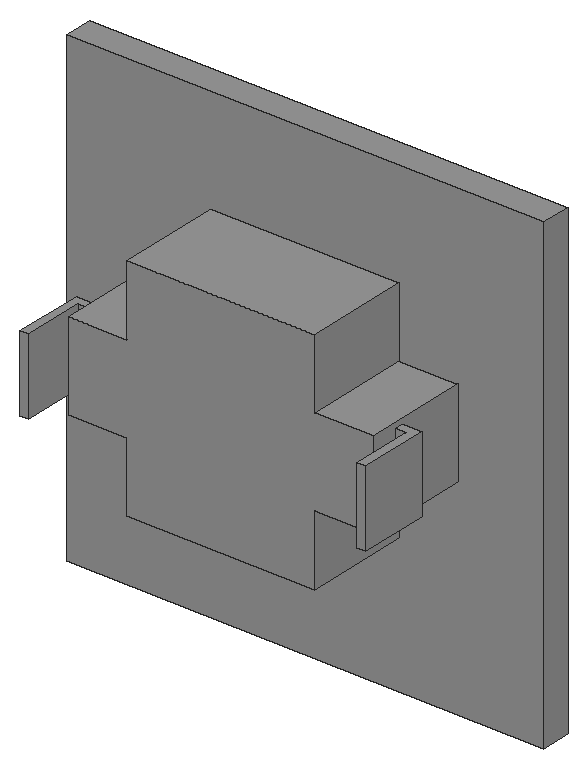
Revit family "IEK_Выключатель_Встраиваемый_10А трехклавишный IP20_КВАРТА", category Выключатели, Revit 2019
Family settings
  Сохранять ориентацию аннотаций = Да
  Размер круглого соединителя = Использовать диаметр
  Тип детали = Переключатель
  На основе рабочей плоскости = Нет
  Всегда вертикально = Да
  При загрузке вырезать с полостями = Нет
  Общий = Нет
  Точка расчета площади = Нет
Parameters (values of type "ВС10-3-0-КБ")
  Ширина = 81.5 mm  # constant formula
  Тип монтажа = "Скрытый монтаж (в штукатурку)"  # constant formula
  Степень защиты = "IP20"  # constant formula
  Изготовитель = "IEK"  # constant formula
  Дата изменения = ""
  Глубина = 46 mm  # constant formula
  Высота = 80.5 mm  # constant formula
  ΔХ [instance] = 2000 mm
  ΔY [instance] = 2000 mm
  KSI_CPr_Строительные изделия = "20.4.01"  # constant formula
  KSI_CMa_Строительные материалы = "01.7.14.03"  # constant formula
  IEK_Цена за единицу = 226.48  # constant formula
  IEK_Поиск в таблице имен = ""
  IEK_Описание = "Классический дизайн, проверенный временем и востребованный различными категориями потребителей, позволяет устанавливать изделия серии \"КВАРТА\" в квартирах, загородных домах, офисных и производственных помещениях."
  IEK_URL = "https://www.iek.ru/products/catalog/izdeliya_elektroustanovochnye_udliniteli_i_silovye_razemy/elektroustanovochnye_izdeliya/elektroustanovochnye_izdeliya_skrytogo_montazha/elektroustanovochnye_izdeliya_kvarta/elektroustanovochnye_izdeliya_kvarta_tsvet_belyy/vyklyuchatel_3_klavishnyy_vs10_3_0_kb_10a_kvarta_belyy_iek"
  ADSK_Ток [instance] = 10 A  # constant formula
  ADSK_Примечание = ""
  ADSK_Полная мощность [instance] = ADSK_Номинальная мощность / ADSK_Коэффициент мощности  # 2200 VA
  ADSK_Позиция [instance] = ""
  ADSK_Номинальная мощность [instance] = ADSK_Ток * ADSK_Напряжение * sqrt(ADSK_Количество фаз числовое) * ADSK_Коэффициент мощности  # 2200 W
  ADSK_Напряжение = 220 V
  ADSK_Наименование = "Выключатель 3-клавишный ВС10-3-0-КБ 10А КВАРТА белый IEK"
  ADSK_Материал обозначение = ""
  ADSK_Материал наименование = "Пластик"  # constant formula
  ADSK_Материал = Цвет белый
  ADSK_Масса = 0.087  # constant formula
  ADSK_Марка = "КВАРТА"  # constant formula
  ADSK_Коэффициент мощности [instance] = 1  # constant formula
  ADSK_Количество фаз числовое = 1
  ADSK_Количество фаз = 1
  ADSK_Код изделия = "EVK30-K01-10-DM"
  ADSK_Классификация нагрузок [instance] = Прочее
  ADSK_Завод-изготовитель = "IEK"  # constant formula
  ADSK_Единица измерения = "шт"  # constant formula
  ADSK_Группирование = "III ЭЛЕКТРОУСТАНОВОЧНЫЕ И ЭЛЕКТРОМОНТАЖНЫЕ ИЗДЕЛИЯ"  # constant formula
  ADSK_Версия семейства = "1.0"  # constant formula
  ADSK_Версия Revit = "2019"  # constant formula
  ADSK_URL страницы изделия = "https://www.iek.ru/products/catalog/izdeliya_elektroustanovochnye_udliniteli_i_silovye_razemy/elektroustanovochnye_izdeliya/elektroustanovochnye_izdeliya_skrytogo_montazha/elektroustanovochnye_izdeliya_kvarta/?pagec=100"
Types (3, lengths in mm): name | IEK_URL | ADSK_Наименование | ADSK_Материал | ADSK_Код изделия
  (no name) | "https://www.iek.ru/products/catalog/izdeliya_elektroustanovochnye_udliniteli_i_silovye_razemy/elektroustanovochnye_izdeliya/elektroustanovochnye_izdeliya_skrytogo_montazha/elektroustanovochnye_izdeliya_kvarta/elektroustanovochnye_izdeliya_kvarta_tsvet_belyy/vyklyuchatel_3_klavishnyy_vs10_3_0_kb_10a_kvarta_belyy_iek" | "Выключатель 3-клавишный ВС10-3-0-КБ 10А КВАРТА белый IEK" | Цвет белый | "EVK30-K01-10-DM"
  ВС10-3-0-КБ | "https://www.iek.ru/products/catalog/izdeliya_elektroustanovochnye_udliniteli_i_silovye_razemy/elektroustanovochnye_izdeliya/elektroustanovochnye_izdeliya_skrytogo_montazha/elektroustanovochnye_izdeliya_kvarta/elektroustanovochnye_izdeliya_kvarta_tsvet_belyy/vyklyuchatel_3_klavishnyy_vs10_3_0_kb_10a_kvarta_belyy_iek" | "Выключатель 3-клавишный ВС10-3-0-КБ 10А КВАРТА белый IEK" | Цвет белый | "EVK30-K01-10-DM"
  ВС10-3-0-ККм | "https://www.iek.ru/products/catalog/izdeliya_elektroustanovochnye_udliniteli_i_silovye_razemy/elektroustanovochnye_izdeliya/elektroustanovochnye_izdeliya_skrytogo_montazha/elektroustanovochnye_izdeliya_kvarta/elektroustanovochnye_izdeliya_kvarta_tsvet_kremovyy/vyklyuchatel_3_klavishnyy_vs10_3_0_kkm_10a_kvarta_kremovyy_iek" | "Выключатель 3-клавишный ВС10-3-0-ККм 10А КВАРТА кремовый IEK" | Цвет кремовый | "EVK30-K33-10-DM"
Reference planes
  plane 1 "По центру (Вперед/Назад)": y = 0
  plane 2: z = 0
  plane 3 "По центру (Влево/Вправо)": x = 0
  plane 4 "Высота ножек": z = 280
  plane 5 "Высота": z = 2081.496
  plane 6: x = -2000
  plane 7: y = 2000
Forms (mm)
  Extrusion 1, solid, material "Цвет белый" <- "ADSK_Материал", detail levels fine
    sketch origin (0, -492.152, 42.527) x (1, 0, 0) y (0, 1, 0)
      loop
        line (26, 480.152) -> (26, 478.652) -> (27.993, 478.652) -> (27.993, 468.152) -> (29.498, 468.152) -> (29.498, 480.152) -> (26, 480.152)
      loop
        line (-26, 480.152) -> (-29.498, 480.152) -> (-29.498, 468.152) -> (-27.993, 468.152) -> (-27.993, 478.652) -> (-26, 478.652) -> (-26, 480.152)
    from -5.817 to 7.183
  Extrusion 2, solid, detail levels coarse
    sketch origin (0, 0, 0) x (1, 0, 0) y (0, 1, 0)
      loop
        line (-40.75, -24) -> (40.75, -24) -> (40.75, 20) -> (-40.75, 20) -> (-40.75, -24)
    from 0 to 80.5
  Extrusion 3, solid, detail levels medium
    sketch origin (0, 0, 0) x (1, 0, 0) y (0, 1, 0)
      loop
        line (-40.75, 20) -> (-40.75, -24) -> (40.75, -24) -> (40.75, 20) -> (-40.75, 20)
    from 0 to 80.5
  Extrusion 4, solid, material "Цвет белый" <- "ADSK_Материал", detail levels fine
    sketch origin (0, 0, 40.25) x (1, 0, 0) y (0, 0, -1)
      loop
        line (-40.75, -40.25) -> (40.75, -40.25) -> (40.75, 40.25) -> (-40.75, 40.25) -> (-40.75, -40.25)
    from 0 to 14.038
  Extrusion 5, void
    sketch origin (-0.5, 0, 41.036) x (-1, 0, 0) y (0, -1, 0)
      loop
        spline (40.25, -5) -> (38.349, -6.53) -> (36.302, -7.861) -> (34.142, -9.01) -> (31.901, -9.995) -> (29.61, -10.832) -> (27.303, -11.54) -> (25.011, -12.136) -> (22.767, -12.637) -> (20.603, -13.06) -> (18.551, -13.423) -> (16.643, -13.743) -> (14.912, -14.038)
        line (14.912, -14.038) -> (11.84, -14.038) -> (11.84, -18.875) -> (40.25, -18.875) -> (40.25, -5)
    from -55.184 to 53.611
  Extrusion 6, void
    sketch origin (0.5, 0, 41.036) x (1, 0, 0) y (0, 1, 0)
      loop
        line (40.25, 5) -> (40.25, 18.875) -> (11.84, 18.875) -> (11.84, 14.038) -> (14.912, 14.038)
        spline (14.912, 14.038) -> (16.643, 13.743) -> (18.551, 13.423) -> (20.603, 13.06) -> (22.767, 12.637) -> (25.011, 12.136) -> (27.303, 11.54) -> (29.61, 10.832) -> (31.901, 9.995) -> (34.142, 9.01) -> (36.302, 7.861) -> (38.349, 6.53) -> (40.25, 5)
    from -55.184 to 53.611
  Extrusion 7, void
    sketch origin (0.786, 0, 40.25) x (0, 0, 1) y (0, -1, 0)
      loop
        spline (40.25, -5) -> (38.356, -6.403) -> (36.324, -7.586) -> (34.182, -8.58) -> (31.961, -9.416) -> (29.69, -10.124) -> (27.399, -10.734) -> (25.119, -11.276) -> (22.878, -11.781) -> (20.708, -12.28) -> (18.636, -12.802) -> (16.694, -13.378) -> (14.912, -14.038)
        line (14.912, -14.038) -> (11.84, -14.038) -> (11.84, -18.875) -> (40.25, -18.875) -> (40.25, -5)
    from -55.184 to 53.611
  Extrusion 8, void
    sketch origin (0, 0, 40.25) x (1, 0, 0) y (0, 0, -1)
      loop
        line (-29, -25) -> (29, -25) -> (29, 25) -> (-29, 25) -> (-29, -25)
    from 1 to 14.038
  Extrusion 9, void
    sketch origin (0.786, 0, 40.25) x (0, 0, -1) y (0, 1, 0)
      loop
        line (40.25, 5) -> (40.25, 18.875) -> (11.84, 18.875) -> (11.84, 14.038) -> (14.912, 14.038)
        spline (14.912, 14.038) -> (16.694, 13.378) -> (18.636, 12.802) -> (20.708, 12.28) -> (22.878, 11.781) -> (25.119, 11.276) -> (27.399, 10.734) -> (29.69, 10.124) -> (31.961, 9.416) -> (34.182, 8.58) -> (36.324, 7.586) -> (38.356, 6.403) -> (40.25, 5)
    from -55.184 to 53.611
  Extrusion 10, solid, material "Цвет белый" <- "ADSK_Материал", detail levels fine
    sketch origin (0, 0, 39.887) x (0, 0, 1) y (0, -1, 0)
      loop
        line (-24.209, -5) -> (-24.209, -11.055)
        arc (-24.209, -11.055) -> (-22.524, -15.523) -> (-19.835, -19.47) r 20.163
        arc (-19.835, -19.47) -> (3.045, -18.975) -> (24.863, -12.066) r 80.547
        line (24.863, -12.066) -> (24.863, -5) -> (-24.209, -5)
    from -28.5 to -9.6
  Extrusion 11, solid, material "Цвет белый" <- "ADSK_Материал", detail levels fine
    sketch origin (0, 0, 40.25) x (1, 0, 0) y (0, 0, -1)
      loop
        line (16, -22.25) -> (16, -10.25) -> (26, -10.25) -> (26, 4.75) -> (16, 4.75) -> (16, 16.75) -> (-16, 16.75) -> (-16, 4.75) -> (-26, 4.75) -> (-26, -10.25) -> (-16, -10.25) -> (-16, -22.25) -> (16, -22.25)
    from -18 to 0
  Extrusion 12, solid, material "Цвет белый" <- "ADSK_Материал", detail levels fine
    sketch origin (0, 0, 39.887) x (0, 0, 1) y (0, 1, 0)
      loop
        line (-24.209, 5) -> (24.863, 5) -> (24.863, 12.066)
        arc (24.863, 12.066) -> (3.045, 18.975) -> (-19.835, 19.47) r 80.547
        arc (-19.835, 19.47) -> (-22.524, 15.523) -> (-24.209, 11.055) r 20.163
        line (-24.209, 11.055) -> (-24.209, 5)
    from -28.5 to -9.6
  Extrusion 13, solid, material "Цвет белый" <- "ADSK_Материал", detail levels fine
    sketch origin (-19.2, 0, 39.887) x (0, 0, 1) y (0, 1, 0)
      loop
        line (-24.209, 5) -> (24.863, 5) -> (24.863, 12.066)
        arc (24.863, 12.066) -> (3.045, 18.975) -> (-19.835, 19.47) r 80.547
        arc (-19.835, 19.47) -> (-22.524, 15.523) -> (-24.209, 11.055) r 20.163
        line (-24.209, 11.055) -> (-24.209, 5)
    from -28.6 to -9.8
Cuts and joins
  Extrusion 5, Extrusion 6, Extrusion 7, Extrusion 8, Extrusion 9 cuts Extrusion 4
Lines and regions (mm)
  reference lines
    curve 1: line (0, 44.647, 0) -> (0, -55.353, 0)
    curve 2: line (-23.829, 0, 0) -> (76.171, 0, 0)
Dimensions and locks
  locked: plane 4 "Высота ножек" to plane 2 at 280
  plane 5 "Высота" to plane 4 "Высота ножек" = 1801.496 mm
  "ΔХ": plane 6 to curve 1
  "ΔY": plane 7 to curve 2
  aligned and locked: level to plane 2
  aligned and locked: curve 2 to nested 1
  aligned and locked: nested 1 to curve 1
Automatic sketch dimensions
  plane 1 "По центру (Вперед/Назад)" to Extrusion 1 sketch curve = 12 mm  (x2)
  Extrusion 1 sketch curve to plane 3 "По центру (Влево/Вправо)" = 29.498 mm
  Extrusion 1 sketch curve to Extrusion 1 sketch curve = 1.504 mm  (x2)
  Extrusion 1 sketch curve to Extrusion 1 sketch curve = 1.993 mm  (x2)
  plane 3 "По центру (Влево/Вправо)" to Extrusion 1 sketch curve = 26 mm
  Extrusion 1 sketch curve to Extrusion 1 sketch curve = 1.5 mm  (x2)
  Extrusion 1 sketch curve to Extrusion 1 sketch curve = 10.5 mm  (x2)
  Extrusion 2 sketch curve to plane 1 "По центру (Вперед/Назад)" = 20 mm
  Extrusion 2 sketch curve to plane 3 "По центру (Влево/Вправо)" = 40.75 mm
  plane 3 "По центру (Влево/Вправо)" to Extrusion 2 sketch curve = 40.75 mm
  plane 1 "По центру (Вперед/Назад)" to Extrusion 2 sketch curve = 24 mm
  Extrusion 3 sketch curve to plane 3 "По центру (Влево/Вправо)" = 40.75 mm
  plane 3 "По центру (Влево/Вправо)" to Extrusion 3 sketch curve = 40.75 mm
  plane 1 "По центру (Вперед/Назад)" to Extrusion 3 sketch curve = 24 mm
  Extrusion 3 sketch curve to plane 1 "По центру (Вперед/Назад)" = 20 mm
  Extrusion 4 sketch curve to level = 0 mm
  Extrusion 4 sketch curve to plane 3 "По центру (Влево/Вправо)" = 40.75 mm
  Extrusion 4 sketch curve to Extrusion 4 sketch curve = 81.5 mm
  level to Extrusion 4 sketch curve = 80.5 mm
  Extrusion 5 sketch curve to plane 1 "По центру (Вперед/Назад)" = 18.875 mm
  Extrusion 5 sketch curve to plane 3 "По центру (Влево/Вправо)" = 12.34 mm
  Extrusion 5 sketch curve to plane 1 "По центру (Вперед/Назад)" = 14.038 mm
  Extrusion 5 sketch curve to Extrusion 5 sketch curve = 3.071 mm
  Extrusion 5 sketch curve to plane 1 "По центру (Вперед/Назад)" = 5 mm
  Extrusion 5 sketch curve to Extrusion 5 sketch curve = 25.338 mm
  Extrusion 6 sketch curve to plane 1 "По центру (Вперед/Назад)" = 18.875 mm
  plane 3 "По центру (Влево/Вправо)" to Extrusion 6 sketch curve = 12.34 mm
  Extrusion 6 sketch curve to plane 1 "По центру (Вперед/Назад)" = 14.038 mm
  Extrusion 6 sketch curve to Extrusion 6 sketch curve = 3.071 mm
  Extrusion 6 sketch curve to plane 1 "По центру (Вперед/Назад)" = 5 mm
  Extrusion 6 sketch curve to Extrusion 6 sketch curve = 25.338 mm
  level to Extrusion 7 sketch curve = 52.09 mm
  Extrusion 7 sketch curve to Extrusion 7 sketch curve = 3.071 mm
  Extrusion 7 sketch curve to Extrusion 7 sketch curve = 25.338 mm
  Extrusion 7 sketch curve to plane 1 "По центру (Вперед/Назад)" = 18.875 mm
  Extrusion 7 sketch curve to Extrusion 7 sketch curve = 4.837 mm
  Extrusion 7 sketch curve to Extrusion 7 sketch curve = 13.875 mm
  level to Extrusion 8 sketch curve = 15.25 mm
  Extrusion 8 sketch curve to plane 3 "По центру (Влево/Вправо)" = 29 mm
  Extrusion 8 sketch curve to Extrusion 8 sketch curve = 58 mm
  level to Extrusion 8 sketch curve = 65.25 mm
  level to Extrusion 9 sketch curve = 28.41 mm
  Extrusion 9 sketch curve to Extrusion 9 sketch curve = 3.071 mm
  Extrusion 9 sketch curve to Extrusion 9 sketch curve = 25.338 mm
  Extrusion 9 sketch curve to plane 1 "По центру (Вперед/Назад)" = 5 mm
  Extrusion 9 sketch curve to Extrusion 9 sketch curve = 9.038 mm
  Extrusion 9 sketch curve to Extrusion 9 sketch curve = 4.837 mm
  level to Extrusion 10 sketch curve = 15.678 mm
  level to Extrusion 10 sketch curve = 29.77 mm
  level to Extrusion 10 sketch curve = 35.254 mm
  level to Extrusion 10 sketch curve = 64.75 mm
  Extrusion 10 sketch curve to plane 1 "По центру (Вперед/Назад)" = 12.066 mm
  Extrusion 10 sketch curve to Extrusion 10 sketch curve = 1.011 mm
  Extrusion 10 sketch curve to Extrusion 10 sketch curve = 4.83 mm
  Extrusion 10 sketch curve to Extrusion 10 sketch curve = 7.066 mm
  Extrusion 10 sketch curve to Extrusion 10 sketch curve = 66.713 mm
  level to Extrusion 11 sketch curve = 50.5 mm  (x2)
  Extrusion 11 sketch curve to plane 3 "По центру (Влево/Вправо)" = 26 mm
  Extrusion 11 sketch curve to Extrusion 11 sketch curve = 10 mm  (x3)
  Extrusion 11 sketch curve to Extrusion 11 sketch curve = 32 mm
  level to Extrusion 11 sketch curve = 35.5 mm  (x2)
  Extrusion 11 sketch curve to Extrusion 11 sketch curve = 0 mm
  Extrusion 11 sketch curve to Extrusion 11 sketch curve = 12 mm  (x2)
  level to Extrusion 12 sketch curve = 15.678 mm
  level to Extrusion 12 sketch curve = 29.77 mm
  level to Extrusion 12 sketch curve = 35.254 mm
  level to Extrusion 12 sketch curve = 64.75 mm
  plane 1 "По центру (Вперед/Назад)" to Extrusion 12 sketch curve = 60.489 mm
  Extrusion 12 sketch curve to Extrusion 12 sketch curve = 65.489 mm
  Extrusion 12 sketch curve to Extrusion 12 sketch curve = 1.224 mm
  Extrusion 12 sketch curve to Extrusion 12 sketch curve = 6.055 mm
  Extrusion 12 sketch curve to Extrusion 12 sketch curve = 7.066 mm
  level to Extrusion 13 sketch curve = 15.678 mm
  level to Extrusion 13 sketch curve = 29.77 mm
  level to Extrusion 13 sketch curve = 35.254 mm
  level to Extrusion 13 sketch curve = 64.75 mm
  plane 1 "По центру (Вперед/Назад)" to Extrusion 13 sketch curve = 60.489 mm
  Extrusion 13 sketch curve to Extrusion 13 sketch curve = 65.489 mm
  Extrusion 13 sketch curve to Extrusion 13 sketch curve = 1.224 mm
  Extrusion 13 sketch curve to Extrusion 13 sketch curve = 6.055 mm
  Extrusion 13 sketch curve to Extrusion 13 sketch curve = 7.066 mm
  curve 2 to plane 3 "По центру (Влево/Вправо)" = 23.829 mm
  plane 3 "По центру (Влево/Вправо)" to curve 2 = 76.171 mm
  plane 1 "По центру (Вперед/Назад)" to curve 1 = 55.353 mm
  curve 1 to plane 1 "По центру (Вперед/Назад)" = 44.647 mm
Nested families
  nested 1: "УГО Выключателя" at (0, 0, 0), type "3K-C", detail levels coarse+medium
    with IP44 no
Connectors
  electrical at (0, -24, 40.25), driven by "ADSK_Количество фаз", driven by "ADSK_Классификация нагрузок", driven by "ADSK_Напряжение", driven by "ADSK_Полная мощность", driven by "ADSK_Коэффициент мощности"
    settings: on Extrusion 2, index 1, voltage 220 V, apparent load 0 VA, apparent load phase1 2200 VA, apparent load phase2 0 VA, apparent load phase3 0 VA, power factor 1, load classification "Прочее", number of poles 1, system type 31, power factor state 1, is connector primary yes, connector utility no, sub classification motor no, connector description ""
Definition of nested family "УГО Выключателя"
  Parameters (values of type "3K-O")
    IP44 [instance] = no
    3K-C = no
    2K-C = no
    1K-C = no
    3K-O = yes
    2K-O = no
    1K-O = no
  Types (6, lengths in mm): name | 3K-C | 2K-C | 1K-C | 3K-O | 1K-O
    2K-O | no | no | no | yes | no
    3K-O | no | no | no | yes | no
    2K-C | no | yes | no | no | no
    1K-O | no | no | no | no | yes
    1K-C | no | no | yes | no | no
    3K-C | yes | no | no | no | no
  Reference planes
    plane 1: y = 0
    plane 2: x = 0
  Lines and regions (mm)
    Filled region 1, type "Цветовая область 1", visible <- "IP44"
      outline origin (0, 0, 0) x (1, 0, 0) y (0, 1, 0)
        loop
          circle (0.006, 0.994) r 0.994
    Filled region 2, type "Цветовая область 1", visible <- "IP44", not visible
      outline origin (0, 0, 0) x (1, 0, 0) y (0, 1, 0)
        loop
          circle (0, 2.214) r 0.994
    Filled region 3, type "Цветовая область 1", visible <- "IP44"
      outline origin (-1.562, 0, 0) x (1, 0, 0) y (0, 1, 0)
        loop
          circle (1.569, 0.994) r 0.994
    Filled region 4, type "Цветовая область 1", visible <- "1K-O"
      outline origin (0, 6.25, 0) x (1, 0, 0) y (0, 1, 0)
        loop
          circle (0.006, -5.256) r 0.994
    Filled region 5, type "Цветовая область 1", visible <- "IP44"
      outline origin (-1.562, 0, 0) x (1, 0, 0) y (0, 1, 0)
        loop
          circle (1.569, 0.994) r 0.994
    Filled region 6, type "Цветовая область 1", visible <- "IP44"
      outline origin (0, 0, 0) x (1, 0, 0) y (0, 1, 0)
        loop
          circle (0.006, 0.994) r 0.994
    Filled region 7, type "Цветовая область 1", visible <- "IP44", not visible
      outline origin (-1.562, 0, 0) x (1, 0, 0) y (0, 1, 0)
        loop
          circle (11.009, 9.276) r 0.994
    Filled region 8, type "Цветовая область 1", visible <- "1K-O", not visible
      outline origin (0, 6.25, 0) x (1, 0, 0) y (0, 1, 0)
        loop
          circle (15.194, 9.276) r 0.994
    Filled region 9, type "Цветовая область 1", visible <- "IP44", not visible
      outline origin (-1.562, 0, 0) x (1, 0, 0) y (0, 1, 0)
        loop
          circle (23.521, 9.279) r 0.994
    Filled region 10, type "Цветовая область 1", visible <- "IP44", not visible
      outline origin (0, 0, 0) x (1, 0, 0) y (0, 1, 0)
        loop
          circle (28.604, 9.279) r 0.994
    Filled region 11, type "Цветовая область 1", visible <- "IP44", not visible
      outline origin (0, 0, 0) x (1, 0, 0) y (0, 1, 0)
        loop
          circle (32.789, 9.279) r 0.994
    Filled region 12, type "Цветовая область 1", visible <- "IP44"
      outline origin (0, 0, 0) x (1, 0, 0) y (0, 1, 0)
        loop
          circle (0.006, 0.994) r 0.994
    detail lines, visible <- "3K-O"
      curve 1: line (0.867, 1.49, 0) -> (3.037, 2.744, 0)
      curve 2: line (0.645, 1.755, 0) -> (2.256, 3.675, 0)
      curve 3: line (0.33, 1.933, 0) -> (1.146, 4.303, 0)
      curve 7: circle (0.006, 0.994, 0) r 0.994 normal (0, 0, 1)
      curve 16: line (3.037, 2.744, 0) -> (3.437, 2.051, 0)
      curve 17: line (2.256, 3.675, 0) -> (2.869, 3.161, 0)
      curve 18: line (1.146, 4.303, 0) -> (1.902, 4.042, 0)
    detail lines, visible <- "2K-O"
      curve 4: line (0.756, 1.645, 0) -> (2.648, 3.29, 0)
      curve 5: line (0.488, 1.863, 0) -> (1.703, 4.055, 0)
      curve 8: circle (0.006, 0.994, 0) r 0.994 normal (0, 0, 1)
      curve 19: line (2.648, 3.29, 0) -> (3.173, 2.686, 0)
      curve 20: line (1.703, 4.055, 0) -> (2.403, 3.667, 0)
    detail lines, visible <- "1K-O"
      curve 6: line (0.576, 1.808, 0) -> (2.014, 3.861, 0)
      curve 9: circle (0.006, 0.994, 0) r 0.994 normal (0, 0, 1)
      curve 21: line (2.014, 3.861, 0) -> (2.669, 3.402, 0)
    detail lines, visible <- "3K-C"
      curve 10: line (0.867, 1.49, 0) -> (3.037, 2.744, 0)
      curve 11: line (0.645, 1.755, 0) -> (2.256, 3.675, 0)
      curve 12: line (0.33, 1.933, 0) -> (1.146, 4.303, 0)
      curve 14: circle (0.006, 0.994, 0) r 0.994 normal (0, 0, 1)
      curve 23: line (2.812, 3.133, 0) -> (3.262, 2.354, 0)
      curve 24: line (1.911, 3.964, 0) -> (2.601, 3.386, 0)
      curve 25: line (0.72, 4.449, 0) -> (1.571, 4.156, 0)
    detail lines, visible <- "1K-C"
      curve 13: line (0.576, 1.808, 0) -> (2.014, 3.861, 0)
      curve 15: circle (0.006, 0.994, 0) r 0.994 normal (0, 0, 1)
      curve 22: line (1.645, 4.119, 0) -> (2.383, 3.603, 0)
    detail lines, visible <- "3K-O", not visible
      curve 26: line (0.86, 2.711, 0) -> (3.031, 3.964, 0)
      curve 27: line (0.639, 2.975, 0) -> (2.25, 4.895, 0)
      curve 28: line (0.323, 3.154, 0) -> (1.139, 5.524, 0)
      curve 29: circle (0, 2.214, 0) r 0.994 normal (0, 0, 1)
      curve 30: line (3.031, 3.964, 0) -> (3.431, 3.272, 0)
      curve 31: line (2.25, 4.895, 0) -> (2.863, 4.381, 0)
      curve 32: line (1.139, 5.524, 0) -> (1.896, 5.263, 0)
    detail lines, visible <- "2K-O", not visible
      curve 33: line (10.196, 9.928, 0) -> (12.088, 11.572, 0)
      curve 34: line (9.928, 10.145, 0) -> (11.143, 12.337, 0)
      curve 35: circle (9.446, 9.276, 0) r 0.994 normal (0, 0, 1)
      curve 36: line (12.088, 11.572, 0) -> (12.613, 10.968, 0)
      curve 37: line (11.143, 12.337, 0) -> (11.843, 11.949, 0)
    detail lines, visible <- "1K-O", not visible
      curve 38: line (15.764, 16.34, 0) -> (17.201, 18.393, 0)
      curve 39: circle (15.194, 15.526, 0) r 0.994 normal (0, 0, 1)
      curve 40: line (17.201, 18.393, 0) -> (17.857, 17.934, 0)
    detail lines, visible <- "3K-C", not visible
      curve 41: line (22.819, 9.775, 0) -> (24.99, 11.029, 0)
      curve 42: line (22.597, 10.04, 0) -> (24.208, 11.96, 0)
      curve 43: line (22.282, 10.218, 0) -> (23.098, 12.588, 0)
      curve 44: circle (21.958, 9.279, 0) r 0.994 normal (0, 0, 1)
      curve 45: line (24.765, 11.418, 0) -> (25.215, 10.639, 0)
      curve 46: line (23.863, 12.249, 0) -> (24.553, 11.67, 0)
      curve 47: line (22.672, 12.734, 0) -> (23.523, 12.441, 0)
    detail lines, visible <- "2K-C", not visible
      curve 48: line (29.354, 9.93, 0) -> (31.246, 11.575, 0)
      curve 49: line (29.086, 10.148, 0) -> (30.301, 12.34, 0)
      curve 50: circle (28.604, 9.279, 0) r 0.994 normal (0, 0, 1)
      curve 51: line (30.951, 11.914, 0) -> (31.541, 11.235, 0)
      curve 52: line (29.908, 12.558, 0) -> (30.695, 12.122, 0)
    detail lines, visible <- "1K-C", not visible
      curve 53: line (33.359, 10.092, 0) -> (34.797, 12.146, 0)
      curve 54: circle (32.789, 9.279, 0) r 0.994 normal (0, 0, 1)
      curve 55: line (34.428, 12.404, 0) -> (35.165, 11.887, 0)
    detail lines, visible <- "2K-C"
      curve 56: line (0.756, 1.645, 0) -> (2.648, 3.29, 0)
      curve 57: line (0.488, 1.863, 0) -> (1.703, 4.055, 0)
      curve 58: circle (0.006, 0.994, 0) r 0.994 normal (0, 0, 1)
      curve 59: line (2.353, 3.629, 0) -> (2.943, 2.95, 0)
      curve 60: line (1.31, 4.273, 0) -> (2.097, 3.837, 0)
    detail lines
      curve 61: line (0.006, 0, 0) -> (0.006, 2.454, 0)
      curve 62: line (0.006, 0, 0) -> (2.217, 0, 0)
